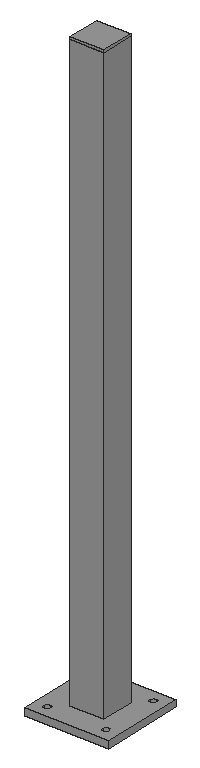
Revit family "FILIGREE_SINGLE_MESH_PANEL_POST", category Specialty Equipment, Revit 2026
Family settings
  Round Connector Dimension = Use Diameter
  Part Type = Normal
  Classification Number = 23.55.00.00
  Work Plane-Based = No
  Enable Cutting in Views = No
  Always vertical = No
  Cut with Voids When Loaded = No
  Maintain Annotation Orientation = No
  Shared = No
  Room Calculation Point = No
Parameters (values of type "Assembly")
  Warranty URL = "https://palmshieldlouvers.com/wp-content/uploads/2020/01/PalmSHIELD-Warranty-NO-SIGN-LINE.pdf"
  Version = "2020 - v1.0a"  # constant formula
  URL = "https://palmshieldlouvers.com/"
  Product Page URL = "https://palmshieldlouvers.com/products/trellis-louvers/"
  Product Documentation Link = "https://palmshieldlouvers.com/wp-content/uploads/2022/03/PalmSHIELD-ESPALIER-trellis-panel-system-specifications-1.doc"
  Model = "Espalier Trellis System"  # constant formula
  Material = Metal - PalmSHIELD - Dusty Grey
  Manufacturer Phone Number = "531-329-4406 "  # constant formula
  Manufacturer Email = "mailto: info@palmshieldlouvers.com"
  Manufacturer Address = "12330 Cary Circle, La Vista, NE 68128"  # constant formula
  Manufacturer = "PalmSHIELD"  # constant formula
  Keynote = "05 10 00"
  Instruction Sheet Link = "https://palmshieldlouvers.com/wp-content/uploads/2020/01/PalmSHIELD-Post-Panel-Gate-Installation-Instructions-REV-1.pdf"
  ID [instance] = "Not Assigned"
  Height [instance] = if(Desired Overall Height < C Min Height, C Min Height, if(Desired Overall Height > C Max Height, C Max Height, Desired Overall Height))  # 6' - 0"
  Desired Overall Height [instance] = 6' - 0"
  Description = "Espalier Trellis System - Square Post"  # constant formula
  Default Elevation = 0' - 0"
  Copyright = "Copyright ©2024 The American Fence Company and PalmSHIELD. All Rights Reserved."  # constant formula
  Component Vis [instance] = yes
  Component Name [instance] = "Espalier Trellis System - Square Post"  # constant formula
  C Post Width = 0' - 4"  # constant formula
  C Min Height [instance] = 3' - 4"  # constant formula
  C Max Height [instance] = 10' - 0"  # constant formula
  Assembly Code = "F1020100"
Reference planes (in)
  plane 1 "Center (Front/Back)": y = 0
  plane 2: z = 0
  plane 3 "Center (Left/Right)": x = 0
  plane 4: z = 72
  plane 5: y = 2
  plane 6: y = -2
  plane 7: x = 2
  plane 8: x = -2
Lines and regions (in)
  reference lines
    curve 1: line (-24.29961, 0, 72) -> (24.70039, 0, 72)
Dimensions and locks (in)
  "Desired Overall Height": curve 1 to plane 2
  "Height": plane 4 to plane 2
  equal spacing: plane 8, plane 3 "Center (Left/Right)", plane 7
  equal spacing: plane 5, plane 1 "Center (Front/Back)", plane 6
  "C Post Width": plane 5 to plane 6
  "C Post Width": plane 8 to plane 7
  aligned and locked: plane 2 to level
Automatic sketch dimensions
  curve 1 to plane 8 = 1' - 10.29961"
  curve 1 to plane 7 = 1' - 10.70039"
Nested families (in)
  nested 1: "Screening-Louver-Assembly-Post-Palmshield-Espalier_Trellis_System" at (0, 0, 0), Desired Overall Height <- "Desired Overall Height", ID <- "ID", Component Vis <- "Component Vis", type "Assembly"
    with Overall Height 6' - 0", ID "Not Assigned", Desired Overall Height 6' - 0", Component Vis yes, Component Name "Espalier Trellis System - Post Assembly"
  nested 2: "Nested-Base_Plate-Palmshield-Espalier_Trellis_System" at (0, 0, 0), type "10" x 10" x 3/4""
    with Material Metal - PalmSHIELD - Dusty Grey, ID "Not Assigned", Component Name "Espalier Trellis System - Aluminum - Base Plate"
  nested 3: "Nested-Square_Post-Aluminum-Palmshield-Espalier_Trellis_System" at (0, 0, 0.75), type "4" X 4" X 1/4" SQ. TUBE"
    with Material Metal - PalmSHIELD - Dusty Grey, Length 5' - 11", ID "Not Assigned", Component Name "Espalier Trellis System - Aluminum - Square Post"
  nested 4: "Nested-Top_Cap-Palmshield-Espalier_Trellis_System" at (0, 0, 71.75), type "4" x 4" x 1/4""
    with Material Metal - PalmSHIELD - Dusty Grey, ID "Not Assigned", Component Name "Espalier Trellis System - Aluminum - Square Top Cap"
Definition of nested family "Nested-Base_Plate-Palmshield-Espalier_Trellis_System"
  Parameters (values of type "10" x 10" x 3/4"")
    Width = if(Constraints = 1, 0' 10", 1' 2")  # 0' - 10"
    Warranty URL = "https://palmshieldlouvers.com/wp-content/uploads/2020/01/PalmSHIELD-Warranty-NO-SIGN-LINE.pdf"
    Version = "2020 - v1.0a"  # constant formula
    URL = "https://palmshieldlouvers.com/"
    Thickness = 0' - 0 3/4"  # constant formula
    Product Page URL = "https://palmshieldlouvers.com/products/trellis-louvers/"
    Product Documentation Link = "Contact Manufacturer for More Information"
    Model = "Espalier Trellis System - Single"  # constant formula
    Material [instance] = none
    Manufacturer Phone Number = "531-329-4406 "  # constant formula
    Manufacturer Fax Number = "Consult Manufacturer Website for More Information"  # constant formula
    Manufacturer Email = "mailto: info@palmshieldlouvers.com"
    Manufacturer Address = "12330 Cary Circle, La Vista, NE 68128"  # constant formula
    Manufacturer = "PalmSHIELD"  # constant formula
    Keynote = "05 10 00"
    Instruction Sheet Link = "https://palmshieldlouvers.com/wp-content/uploads/2020/01/PalmSHIELD-Post-Panel-Gate-Installation-Instructions-REV-1.pdf"
    ID [instance] = ""
    Hole Diameter = 0' - 0 3/4"  # constant formula
    Height = 0' - 10"  # constant formula
    Description = "Espalier Trellis System - Base Plate"  # constant formula
    Default Elevation = 4' - 0"
    Copyright = "Copyright ©2024 The American Fence Company and PalmSHIELD. All Rights Reserved."  # constant formula
    Constraints = 1
    Component Name [instance] = "Espalier Trellis System - Aluminum - Base Plate"  # constant formula
    C Hole Offset = 0' - 1 1/2"  # constant formula
    Assembly Code = "F1020100"
  Reference planes (in)
    plane 1 "Center (Front/Back)": y = 0
    plane 2: z = 0
    plane 3 "Center (Left/Right)": x = 0
    plane 4: y = 5
    plane 5: x = 5
    plane 6: y = -5
    plane 7: x = -5
    plane 8: z = 0.75
  Forms (in)
    Extrusion 1, solid
      sketch origin (0, 0, 0) x (1, 0, 0) y (0, 1, 0)
        loop
          line (-48, 48) -> (-48, -48) -> (48, -48) -> (48, 48) -> (-48, 48)
      from 0 to -12
    Extrusion 2, solid, material <- "Material"
      sketch origin (0, 0, 0) x (1, 0, 0) y (0, 1, 0)
        loop
          line (-5, 5) -> (-5, -5) -> (5, -5) -> (5, 5) -> (-5, 5)
        loop
          circle (-3.5, 3.5) r 0.375
        loop
          circle (3.5, 3.5) r 0.375
        loop
          circle (-3.5, -3.5) r 0.375
        loop
          circle (3.5, -3.5) r 0.375
      from 0 to 0.75
  Dimensions and locks (in)
    equal spacing: plane 7, plane 3 "Center (Left/Right)", plane 5
    equal spacing: plane 4, plane 1 "Center (Front/Back)", plane 6
    "Width": plane 7 to plane 5
    "Height": plane 4 to plane 6
    "C Hole Offset": plane 7 to Extrusion 2 sketch curve  (x2)
    "C Hole Offset": Extrusion 2 sketch curve to plane 5  (x2)
    "C Hole Offset": plane 4 to Extrusion 2 sketch curve  (x2)
    "C Hole Offset": plane 6 to Extrusion 2 sketch curve  (x2)
    "Thickness": plane 8 to plane 2
    "Width": Extrusion 2 to Extrusion 2
    "Hole Diameter": diameter of Extrusion 2 sketch curve  (x4)
    aligned and locked: plane 2 to Extrusion 1
    aligned and locked: level to Extrusion 1
    aligned and locked: Extrusion 2 sketch curve to plane 4
    aligned and locked: plane 7 to Extrusion 2 sketch curve
    aligned and locked: Extrusion 2 sketch curve to plane 6
    aligned and locked: Extrusion 2 sketch curve to plane 5
    aligned and locked: plane 8 to Extrusion 2
  Automatic sketch dimensions
    Extrusion 1 sketch curve to Extrusion 1 sketch curve = 8' - 0"  (x2)
Definition of nested family "Nested-Square_Post-Aluminum-Palmshield-Espalier_Trellis_System"
  Parameters (values of type "4" X 4" X 1/4" SQ. TUBE")
    Width = 0' - 4"  # constant formula
    Warranty URL = "https://palmshieldlouvers.com/wp-content/uploads/2020/01/PalmSHIELD-Warranty-NO-SIGN-LINE.pdf"
    Version = "2020 - v1.0a"  # constant formula
    URL = "https://palmshieldlouvers.com/"
    Thickness = 0' - 0 1/4"  # constant formula
    Product Page URL = "https://palmshieldlouvers.com/products/trellis-louvers/"
    Product Documentation Link = "Contact Manufacturer for More Information"
    Model = "Espalier Trellis System - Single"  # constant formula
    Material [instance] = none
    Manufacturer Phone Number = "531-329-4406 "  # constant formula
    Manufacturer Fax Number = "Consult Manufacturer Website for More Information"  # constant formula
    Manufacturer Email = "mailto: info@palmshieldlouvers.com"
    Manufacturer Address = "12330 Cary Circle, La Vista, NE 68128"  # constant formula
    Manufacturer = "PalmSHIELD"  # constant formula
    Length [instance] = 4' - 4.86713"
    Keynote = "05 10 00"
    Instruction Sheet Link = "https://palmshieldlouvers.com/wp-content/uploads/2020/01/PalmSHIELD-Post-Panel-Gate-Installation-Instructions-REV-1.pdf"
    ID [instance] = ""
    Description = "Espalier Trellis System - Post"  # constant formula
    Default Elevation = 4' - 0"
    Copyright = "Copyright ©2024 The American Fence Company and PalmSHIELD. All Rights Reserved."  # constant formula
    Component Name [instance] = "Espalier Trellis System - Aluminum - Square Post"  # constant formula
    Assembly Code = "F1020100"
  Reference planes (in)
    plane 1 "Center (Front/Back)": y = 0
    plane 2: z = 0
    plane 3 "Center (Left/Right)": x = 0
    plane 4: z = 52.86713
    plane 5: x = 2
    plane 6: x = -2
  Forms (in)
    Extrusion 1, solid
      sketch origin (0, 0, 0) x (1, 0, 0) y (0, 1, 0)
        loop
          line (-48, 48) -> (-48, -48) -> (48, -48) -> (48, 48) -> (-48, 48)
      from 0 to -12
    Sweep 2, solid, material <- "Material"
      path origin (0, 0, 0) x (0, 1, 0) y (0, 0, 1)
        loop
          line (0, 0) -> (0, 52.86713)
      profile "Profile-Palmshield-Square : 4" X 4" X 1/4" SQ. TUBE" origin (0, 0, 26.43357) x (0, -1, 0) y (1, 0, 0)
        loop
          line (1.75, 1.75) -> (-1.75, 1.75) -> (-1.75, -1.75) -> (1.75, -1.75) -> (1.75, 1.75)
        loop
          line (-2, -2) -> (2, -2) -> (2, 2) -> (-2, 2) -> (-2, -2)
  Dimensions and locks (in)
    "Length": plane 4 to plane 2
    equal spacing: plane 5, plane 3 "Center (Left/Right)", plane 6
    "Width": plane 5 to plane 6
    aligned and locked: plane 2 to Extrusion 1
    aligned and locked: level to Extrusion 1
    aligned and locked: plane 1 "Center (Front/Back)" to Sweep 2 sketch curve
    aligned and locked: plane 4 to Sweep 2 sketch curve
  Automatic sketch dimensions
    Extrusion 1 sketch curve to Extrusion 1 sketch curve = 8' - 0"  (x2)
    Sweep 2 sketch curve to level = 0' - 0"
Definition of nested family "Nested-Top_Cap-Palmshield-Espalier_Trellis_System"
  Parameters (values of type "4" x 4" x 1/4"")
    Width = 0' - 4"  # constant formula
    Warranty URL = "https://palmshieldlouvers.com/wp-content/uploads/2020/01/PalmSHIELD-Warranty-NO-SIGN-LINE.pdf"
    Version = "2020 - v1.0a"  # constant formula
    URL = "https://palmshieldlouvers.com/"
    Thickness = 0' - 0 1/4"  # constant formula
    Product Page URL = "https://palmshieldlouvers.com/products/trellis-louvers/"
    Product Documentation Link = "Contact Manufacturer for More Information"
    Model = "Espalier Trellis System - Single"  # constant formula
    Material [instance] = none
    Manufacturer Phone Number = "531-329-4406 "  # constant formula
    Manufacturer Fax Number = "Consult Manufacturer Website for More Information"  # constant formula
    Manufacturer Email = "mailto: info@palmshieldlouvers.com"
    Manufacturer Address = "12330 Cary Circle, La Vista, NE 68128"  # constant formula
    Manufacturer = "PalmSHIELD"  # constant formula
    Keynote = "05 10 00"
    Instruction Sheet Link = "https://palmshieldlouvers.com/wp-content/uploads/2020/01/PalmSHIELD-Post-Panel-Gate-Installation-Instructions-REV-1.pdf"
    ID [instance] = ""
    Description = "Espalier Trellis System - Top Cap"  # constant formula
    Default Elevation = 4' - 0"
    Copyright = "Copyright ©2024 The American Fence Company and PalmSHIELD. All Rights Reserved."  # constant formula
    Component Name [instance] = "Espalier Trellis System - Aluminum - Square Top Cap"  # constant formula
    Assembly Code = "F1020100"
  Reference planes (in)
    plane 1 "Center (Front/Back)": y = 0
    plane 2: z = 0
    plane 3 "Center (Left/Right)": x = 0
    plane 4: y = 2
    plane 5: x = 2
    plane 6: y = -2
    plane 7: x = -2
    plane 8: z = 0.25
  Forms (in)
    Extrusion 1, solid
      sketch origin (0, 0, 0) x (1, 0, 0) y (0, 1, 0)
        loop
          line (-48, 48) -> (-48, -48) -> (48, -48) -> (48, 48) -> (-48, 48)
      from 0 to -12
    Extrusion 2, solid, material <- "Material"
      sketch origin (0, 0, 0) x (1, 0, 0) y (0, 1, 0)
        loop
          line (-2, 2) -> (-2, -2) -> (2, -2) -> (2, 2) -> (-2, 2)
      from 0 to 0.25
  Dimensions and locks (in)
    equal spacing: plane 7, plane 3 "Center (Left/Right)", plane 5
    equal spacing: plane 4, plane 1 "Center (Front/Back)", plane 6
    "Width": plane 7 to plane 5
    "Width": plane 4 to plane 6
    "Thickness": plane 8 to plane 2
    aligned and locked: plane 2 to Extrusion 1
    aligned and locked: level to Extrusion 1
    aligned and locked: Extrusion 2 sketch curve to plane 4
    aligned and locked: plane 7 to Extrusion 2 sketch curve
    aligned and locked: Extrusion 2 sketch curve to plane 6
    aligned and locked: Extrusion 2 sketch curve to plane 5
    aligned and locked: plane 8 to Extrusion 2
  Automatic sketch dimensions
    Extrusion 1 sketch curve to Extrusion 1 sketch curve = 8' - 0"  (x2)
Definition of nested family "Screening-Louver-Assembly-Post-Palmshield-Espalier_Trellis_System"
  Parameters (values of type "Default")
    Width = 0' - 4"  # constant formula
    Warranty URL = "https://palmshieldlouvers.com/wp-content/uploads/2020/01/PalmSHIELD-Warranty-NO-SIGN-LINE.pdf"
    Version = "2020 - v1.0a"  # constant formula
    URL = "https://palmshieldlouvers.com/"
    Top Cap Thickness = 0' - 0 1/8"  # constant formula
    Product Page URL = "https://palmshieldlouvers.com/products/trellis-louvers/"
    Product Documentation Link = "Contact Manufacturer for More Information"
    Overall Height [instance] = if(Desired Overall Height < 3' 0", 3' 0", if(Desired Overall Height > 10' 0", 10' 0", Desired Overall Height))  # 6' - 0"
    Model = "Espalier Trellis System - Single"  # constant formula
    Material = none
    Manufacturer Phone Number = "531-329-4406 "  # constant formula
    Manufacturer Fax Number = "Consult Manufacturer Website for More Information"  # constant formula
    Manufacturer Email = "mailto: info@palmshieldlouvers.com"
    Manufacturer Address = "12330 Cary Circle, La Vista, NE 68128"  # constant formula
    Manufacturer = "PalmSHIELD"  # constant formula
    Keynote = "05 10 00"
    Instruction Sheet Link = "https://palmshieldlouvers.com/wp-content/uploads/2020/01/PalmSHIELD-Post-Panel-Gate-Installation-Instructions-REV-1.pdf"
    ID [instance] = "Not Assigned"
    Desired Overall Height [instance] = 6' - 0"
    Description = "Espalier Trellis System - Post Assembly"  # constant formula
    Default Elevation = 4' - 0"
    Copyright = "Copyright ©2024 The American Fence Company and PalmSHIELD. All Rights Reserved."  # constant formula
    Component Vis [instance] = yes
    Component Name [instance] = "Espalier Trellis System - Post Assembly"  # constant formula
    Base Plate Thickness = 0' - 0 3/4"  # constant formula
    Assembly Code = "F1020100"
  Reference planes (in)
    plane 1 "Center (Front/Back)": y = 0
    plane 2: z = 0
    plane 3 "Center (Left/Right)": x = 0
    plane 4: x = 2
    plane 5: x = -2
    plane 6: z = 72
    plane 7: z = 2
    plane 8: z = 71.75
  Forms (in)
    Extrusion 1, solid
      sketch origin (0, 0, 0) x (1, 0, 0) y (0, 1, 0)
        loop
          line (-48, 48) -> (-48, -48) -> (48, -48) -> (48, 48) -> (-48, 48)
      from 0 to -12
  Lines and regions (in)
    reference lines
      curve 1: line (-64.16684, 0, 72) -> (79.83316, 0, 72)
  Dimensions and locks (in)
    equal spacing: plane 4, plane 3 "Center (Left/Right)", plane 5
    "Width": plane 4 to plane 5
    plane 7 to plane 2 = 0' - 2"
    plane 3 "Center (Left/Right)" to nested 2 = 0' - 0"
    plane 3 "Center (Left/Right)" to nested 3 = 0' - 0"
    locked: plane 6 to plane 8 at 0.25
    "Desired Overall Height": curve 1 to plane 2
    "Overall Height": plane 6 to plane 2
    aligned and locked: plane 2 to Extrusion 1
    aligned and locked: level to Extrusion 1
    aligned and locked: plane 1 "Center (Front/Back)" to nested 1
    aligned and locked: plane 1 "Center (Front/Back)" to nested 3
    aligned and locked: plane 3 "Center (Left/Right)" to nested 1
    aligned and locked: nested 2 to plane 8
  Automatic sketch dimensions
    Extrusion 1 sketch curve to Extrusion 1 sketch curve = 8' - 0"  (x2)
    curve 1 to plane 5 = 5' - 2.16684"
    plane 4 to curve 1 = 6' - 5.83316"
  Nested families (in)
    nested 1: "Nested-Base_Plate-Palmshield-Espalier_Trellis_System" at (0, 0, 0), ID <- "ID", Material <- "Material", visible <- "Component Vis", type "10" x 10" x 3/4""
      with Material none, ID "Not Assigned", Component Name "Espalier Trellis System - Aluminum - Base Plate"
    nested 2: "Nested-Square_Post-Aluminum-Palmshield-Espalier_Trellis_System" at (0, 0, 0.75), ID <- "ID", Material <- "Material", visible <- "Component Vis", type "4" X 4" X 1/4" SQ. TUBE"
      with Material none, Length 5' - 11", ID "Not Assigned", Component Name "Espalier Trellis System - Aluminum - Square Post"
    nested 3: "Nested-Top_Cap-Palmshield-Espalier_Trellis_System" at (0, 0, 71.75), ID <- "ID", Material <- "Material", visible <- "Component Vis", type "4" x 4" x 1/4""
      with Material none, ID "Not Assigned", Component Name "Espalier Trellis System - Aluminum - Square Top Cap"
  Definition of nested family "Nested-Base_Plate-Palmshield-Espalier_Trellis_System"
    Parameters (values of type "10" x 10" x 3/4"")
      Width = if(Constraints = 1, 0' 10", 1' 2")  # 0' - 10"
      Warranty URL = "https://palmshieldlouvers.com/wp-content/uploads/2020/01/PalmSHIELD-Warranty-NO-SIGN-LINE.pdf"
      Version = "2020 - v1.0a"  # constant formula
      URL = "https://palmshieldlouvers.com/"
      Thickness = 0' - 0 3/4"  # constant formula
      Product Page URL = "https://palmshieldlouvers.com/products/trellis-louvers/"
      Product Documentation Link = "Contact Manufacturer for More Information"
      Model = "Espalier Trellis System - Single"  # constant formula
      Material [instance] = none
      Manufacturer Phone Number = "531-329-4406 "  # constant formula
      Manufacturer Fax Number = "Consult Manufacturer Website for More Information"  # constant formula
      Manufacturer Email = "mailto: info@palmshieldlouvers.com"
      Manufacturer Address = "12330 Cary Circle, La Vista, NE 68128"  # constant formula
      Manufacturer = "PalmSHIELD"  # constant formula
      Keynote = "05 10 00"
      Instruction Sheet Link = "https://palmshieldlouvers.com/wp-content/uploads/2020/01/PalmSHIELD-Post-Panel-Gate-Installation-Instructions-REV-1.pdf"
      ID [instance] = ""
      Hole Diameter = 0' - 0 3/4"  # constant formula
      Height = 0' - 10"  # constant formula
      Description = "Espalier Trellis System - Base Plate"  # constant formula
      Default Elevation = 4' - 0"
      Copyright = "Copyright ©2024 The American Fence Company and PalmSHIELD. All Rights Reserved."  # constant formula
      Constraints = 1
      Component Name [instance] = "Espalier Trellis System - Aluminum - Base Plate"  # constant formula
      C Hole Offset = 0' - 1 1/2"  # constant formula
      Assembly Code = "F1020100"
    Reference planes (in)
      plane 1 "Center (Front/Back)": y = 0
      plane 2: z = 0
      plane 3 "Center (Left/Right)": x = 0
      plane 4: y = 5
      plane 5: x = 5
      plane 6: y = -5
      plane 7: x = -5
      plane 8: z = 0.75
    Forms (in)
      Extrusion 1, solid
        sketch origin (0, 0, 0) x (1, 0, 0) y (0, 1, 0)
          loop
            line (-48, 48) -> (-48, -48) -> (48, -48) -> (48, 48) -> (-48, 48)
        from 0 to -12
      Extrusion 2, solid, material <- "Material"
        sketch origin (0, 0, 0) x (1, 0, 0) y (0, 1, 0)
          loop
            line (-5, 5) -> (-5, -5) -> (5, -5) -> (5, 5) -> (-5, 5)
          loop
            circle (-3.5, 3.5) r 0.375
          loop
            circle (3.5, 3.5) r 0.375
          loop
            circle (-3.5, -3.5) r 0.375
          loop
            circle (3.5, -3.5) r 0.375
        from 0 to 0.75
    Dimensions and locks (in)
      equal spacing: plane 7, plane 3 "Center (Left/Right)", plane 5
      equal spacing: plane 4, plane 1 "Center (Front/Back)", plane 6
      "Width": plane 7 to plane 5
      "Height": plane 4 to plane 6
      "C Hole Offset": plane 7 to Extrusion 2 sketch curve  (x2)
      "C Hole Offset": Extrusion 2 sketch curve to plane 5  (x2)
      "C Hole Offset": plane 4 to Extrusion 2 sketch curve  (x2)
      "C Hole Offset": plane 6 to Extrusion 2 sketch curve  (x2)
      "Thickness": plane 8 to plane 2
      "Width": Extrusion 2 to Extrusion 2
      "Hole Diameter": diameter of Extrusion 2 sketch curve  (x4)
      aligned and locked: plane 2 to Extrusion 1
      aligned and locked: level to Extrusion 1
      aligned and locked: Extrusion 2 sketch curve to plane 4
      aligned and locked: plane 7 to Extrusion 2 sketch curve
      aligned and locked: Extrusion 2 sketch curve to plane 6
      aligned and locked: Extrusion 2 sketch curve to plane 5
      aligned and locked: plane 8 to Extrusion 2
    Automatic sketch dimensions
      Extrusion 1 sketch curve to Extrusion 1 sketch curve = 8' - 0"  (x2)
  Definition of nested family "Nested-Square_Post-Aluminum-Palmshield-Espalier_Trellis_System"
    Parameters (values of type "4" X 4" X 1/4" SQ. TUBE")
      Width = 0' - 4"  # constant formula
      Warranty URL = "https://palmshieldlouvers.com/wp-content/uploads/2020/01/PalmSHIELD-Warranty-NO-SIGN-LINE.pdf"
      Version = "2020 - v1.0a"  # constant formula
      URL = "https://palmshieldlouvers.com/"
      Thickness = 0' - 0 1/4"  # constant formula
      Product Page URL = "https://palmshieldlouvers.com/products/trellis-louvers/"
      Product Documentation Link = "Contact Manufacturer for More Information"
      Model = "Espalier Trellis System - Single"  # constant formula
      Material [instance] = none
      Manufacturer Phone Number = "531-329-4406 "  # constant formula
      Manufacturer Fax Number = "Consult Manufacturer Website for More Information"  # constant formula
      Manufacturer Email = "mailto: info@palmshieldlouvers.com"
      Manufacturer Address = "12330 Cary Circle, La Vista, NE 68128"  # constant formula
      Manufacturer = "PalmSHIELD"  # constant formula
      Length [instance] = 4' - 4.86713"
      Keynote = "05 10 00"
      Instruction Sheet Link = "https://palmshieldlouvers.com/wp-content/uploads/2020/01/PalmSHIELD-Post-Panel-Gate-Installation-Instructions-REV-1.pdf"
      ID [instance] = ""
      Description = "Espalier Trellis System - Post"  # constant formula
      Default Elevation = 4' - 0"
      Copyright = "Copyright ©2024 The American Fence Company and PalmSHIELD. All Rights Reserved."  # constant formula
      Component Name [instance] = "Espalier Trellis System - Aluminum - Square Post"  # constant formula
      Assembly Code = "F1020100"
    Reference planes (in)
      plane 1 "Center (Front/Back)": y = 0
      plane 2: z = 0
      plane 3 "Center (Left/Right)": x = 0
      plane 4: z = 52.86713
      plane 5: x = 2
      plane 6: x = -2
    Forms (in)
      Extrusion 1, solid
        sketch origin (0, 0, 0) x (1, 0, 0) y (0, 1, 0)
          loop
            line (-48, 48) -> (-48, -48) -> (48, -48) -> (48, 48) -> (-48, 48)
        from 0 to -12
      Sweep 2, solid, material <- "Material"
        path origin (0, 0, 0) x (0, 1, 0) y (0, 0, 1)
          loop
            line (0, 0) -> (0, 52.86713)
        profile "Profile-Palmshield-Square : 4" X 4" X 1/4" SQ. TUBE" origin (0, 0, 26.43357) x (0, -1, 0) y (1, 0, 0)
          loop
            line (1.75, 1.75) -> (-1.75, 1.75) -> (-1.75, -1.75) -> (1.75, -1.75) -> (1.75, 1.75)
          loop
            line (-2, -2) -> (2, -2) -> (2, 2) -> (-2, 2) -> (-2, -2)
    Dimensions and locks (in)
      "Length": plane 4 to plane 2
      equal spacing: plane 5, plane 3 "Center (Left/Right)", plane 6
      "Width": plane 5 to plane 6
      aligned and locked: plane 2 to Extrusion 1
      aligned and locked: level to Extrusion 1
      aligned and locked: plane 1 "Center (Front/Back)" to Sweep 2 sketch curve
      aligned and locked: plane 4 to Sweep 2 sketch curve
    Automatic sketch dimensions
      Extrusion 1 sketch curve to Extrusion 1 sketch curve = 8' - 0"  (x2)
      Sweep 2 sketch curve to level = 0' - 0"
  Definition of nested family "Nested-Top_Cap-Palmshield-Espalier_Trellis_System"
    Parameters (values of type "4" x 4" x 1/4"")
      Width = 0' - 4"  # constant formula
      Warranty URL = "https://palmshieldlouvers.com/wp-content/uploads/2020/01/PalmSHIELD-Warranty-NO-SIGN-LINE.pdf"
      Version = "2020 - v1.0a"  # constant formula
      URL = "https://palmshieldlouvers.com/"
      Thickness = 0' - 0 1/4"  # constant formula
      Product Page URL = "https://palmshieldlouvers.com/products/trellis-louvers/"
      Product Documentation Link = "Contact Manufacturer for More Information"
      Model = "Espalier Trellis System - Single"  # constant formula
      Material [instance] = none
      Manufacturer Phone Number = "531-329-4406 "  # constant formula
      Manufacturer Fax Number = "Consult Manufacturer Website for More Information"  # constant formula
      Manufacturer Email = "mailto: info@palmshieldlouvers.com"
      Manufacturer Address = "12330 Cary Circle, La Vista, NE 68128"  # constant formula
      Manufacturer = "PalmSHIELD"  # constant formula
      Keynote = "05 10 00"
      Instruction Sheet Link = "https://palmshieldlouvers.com/wp-content/uploads/2020/01/PalmSHIELD-Post-Panel-Gate-Installation-Instructions-REV-1.pdf"
      ID [instance] = ""
      Description = "Espalier Trellis System - Top Cap"  # constant formula
      Default Elevation = 4' - 0"
      Copyright = "Copyright ©2024 The American Fence Company and PalmSHIELD. All Rights Reserved."  # constant formula
      Component Name [instance] = "Espalier Trellis System - Aluminum - Square Top Cap"  # constant formula
      Assembly Code = "F1020100"
    Reference planes (in)
      plane 1 "Center (Front/Back)": y = 0
      plane 2: z = 0
      plane 3 "Center (Left/Right)": x = 0
      plane 4: y = 2
      plane 5: x = 2
      plane 6: y = -2
      plane 7: x = -2
      plane 8: z = 0.25
    Forms (in)
      Extrusion 1, solid
        sketch origin (0, 0, 0) x (1, 0, 0) y (0, 1, 0)
          loop
            line (-48, 48) -> (-48, -48) -> (48, -48) -> (48, 48) -> (-48, 48)
        from 0 to -12
      Extrusion 2, solid, material <- "Material"
        sketch origin (0, 0, 0) x (1, 0, 0) y (0, 1, 0)
          loop
            line (-2, 2) -> (-2, -2) -> (2, -2) -> (2, 2) -> (-2, 2)
        from 0 to 0.25
    Dimensions and locks (in)
      equal spacing: plane 7, plane 3 "Center (Left/Right)", plane 5
      equal spacing: plane 4, plane 1 "Center (Front/Back)", plane 6
      "Width": plane 7 to plane 5
      "Width": plane 4 to plane 6
      "Thickness": plane 8 to plane 2
      aligned and locked: plane 2 to Extrusion 1
      aligned and locked: level to Extrusion 1
      aligned and locked: Extrusion 2 sketch curve to plane 4
      aligned and locked: plane 7 to Extrusion 2 sketch curve
      aligned and locked: Extrusion 2 sketch curve to plane 6
      aligned and locked: Extrusion 2 sketch curve to plane 5
      aligned and locked: plane 8 to Extrusion 2
    Automatic sketch dimensions
      Extrusion 1 sketch curve to Extrusion 1 sketch curve = 8' - 0"  (x2)
